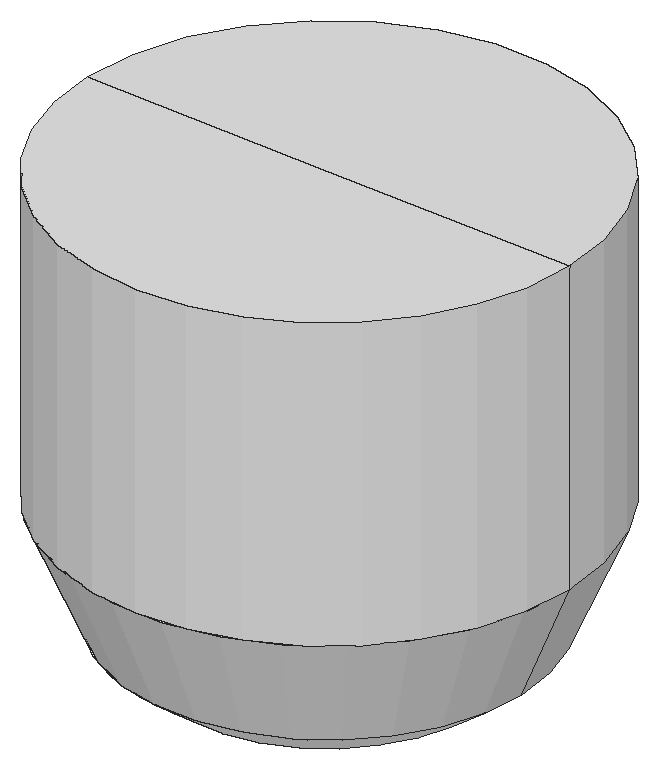
Revit family "CWSS-WR-S4 ENScape optisk-akustisk signalgiver hvit_Tak", category Fire Alarm Devices, Revit 2016
Family settings
  Maintain Annotation Orientation = Yes
  Part Type = Normal
  Round Connector Dimension = Use Diameter
  OmniClass Number = 23.85.30.21.11.17
  OmniClass Title = Other Components
  Work Plane-Based = No
  Always vertical = No
  Cut with Voids When Loaded = No
  Shared = No
  Room Calculation Point = No
Parameters (values of type "Optisk signalgiver")
  Type Comments = "-XH"
  Reference Line Out [instance] = 10.00 mm
  NS8360 = "5423_XN2"
  Manufacturer = "Honeywell"
  Keynote = "XN2"
  CQ Symbol Positive Direction [instance] = yes
  CQ Symbol Offset Side [instance] = 0.00 mm
  CQ Symbol Offset Out [instance] = 0.00 mm
  CQ Material = Plastic - White
  CQ Length B = 98.00 mm
  CQ Length A = 100.00 mm
  Assembly Code = "5423"
Reference planes
  plane 1 "Center (Front/Back)": y = 0
  plane 2: z = 0
  plane 3 "Center (Left/Right)": x = 0
  plane 4: x = -50
  plane 5: x = 50
  plane 6: z = -98
  plane 7: z = -83
  plane 8: x = 40
Forms (mm)
  Revolve 1, solid, material "Plastic White Transparent"
    sketch origin (0, 0, 0) x (1, 0, 0) y (0, 0, 1)
      loop
        line (0, -83) -> (0, -98) -> (1, -98)
        arc (1, -98) -> (21.893, -94.121) -> (40, -83) r 58.2
        line (40, -83) -> (0, -83)
      axis (0, -83) -> (0, -98)
    angle from 0 to 360
  Revolve 2, solid, material "Plastic - White" <- "CQ Material"
    sketch origin (0, 0, 0) x (1, 0, 0) y (0, 0, 1)
      loop
        line (0, 0) -> (0, -83) -> (40, -83) -> (50, -60) -> (50, 0) -> (0, 0)
      axis (0, 0) -> (0, -83)
    angle from 0 to 360
Lines and regions (mm)
  model lines, style "InvisibleLines"
    curve 1: line (0, 0, 0) -> (0, -43, 0)
    curve 2: line (0, 0, 0) -> (0, 0, 10)
Dimensions and locks
  equal spacing: plane 5, plane 3 "Center (Left/Right)", plane 4
  "CQ Length A": plane 5 to plane 4
  "CQ Length B": plane 6 to plane 2
  "Reference Line Out": curve 2 to level
  locked: plane 7 to plane 6 at 15
  locked: plane 5 to plane 8 at 10
  aligned and locked: level to plane 2
  aligned and locked: curve 1 to plane 2
  aligned and locked: plane 3 "Center (Left/Right)" to nested 1
  aligned and locked: plane 1 "Center (Front/Back)" to nested 1
  aligned and locked: plane 2 to curve 2
  aligned and locked: plane 3 "Center (Left/Right)" to curve 2
  aligned and locked: Revolve 1 sketch curve to plane 7
  aligned and locked: Revolve 1 sketch curve to plane 6
  aligned and locked: Revolve 2 sketch curve to level
  aligned and locked: Revolve 2 sketch curve to plane 3 "Center (Left/Right)"
  aligned and locked: Revolve 2 sketch curve to plane 5
  aligned and locked: Revolve 2 sketch curve to plane 7
  aligned and locked: Revolve 1 sketch curve to plane 8
  aligned and locked: Revolve 2 sketch curve to plane 8
Automatic sketch dimensions
  curve 1 to plane 3 "Center (Left/Right)" = 0.00 mm
  plane 1 "Center (Front/Back)" to curve 1 = 0.00 mm
  plane 1 "Center (Front/Back)" to curve 1 = 43.00 mm
  Revolve 1 sketch curve to plane 3 "Center (Left/Right)" = 0.00 mm  (x2)
  Revolve 1 sketch curve to plane 6 = 0.00 mm
  plane 3 "Center (Left/Right)" to Revolve 1 sketch curve = 1.00 mm
  Revolve 1 sketch curve to Revolve 1 sketch curve = 12.20 mm
  Revolve 2 sketch curve to plane 3 "Center (Left/Right)" = 0.00 mm
  Revolve 2 sketch curve to plane 6 = 23.00 mm
  plane 7 to Revolve 2 sketch curve = 23.00 mm
  level to Revolve 2 sketch curve = 25.00 mm
Nested families
  nested 1: "Optisk alarmapparat" at (0, 0, 0), type "Type 1"
Connectors
  electrical at (0, 0, 0)
    settings: on Revolve 1, index 1, voltage 0 V, apparent load 0 VA, apparent load phase1 0 VA, apparent load phase2 0 VA, apparent load phase3 0 VA, power factor 1, load classification "Other", number of poles 1, system type 11, power factor state 1, is connector primary yes, connector utility no, sub classification motor no, connector description ""
Definition of nested family "Optisk alarmapparat"
  Parameters
    CQ Symbol Positive Direction = yes
    CQ Symbol Negative Direction = not(CQ Symbol Positive Direction)  # no
    CQ Symbol Offset Side = 0.00 mm
    CQ Symbol Offset Out = 0.00 mm
  Reference planes
    plane 1: y = 0
    plane 2: x = 0
  Dimensions and locks
    "CQ Symbol Offset Out": plane 1 to nested 2
    "CQ Symbol Offset Out": plane 1 to nested 1
    "CQ Symbol Offset Side": plane 2 to nested 1
    "CQ Symbol Offset Side": nested 2 to plane 2
  Nested families
    nested 1: "Optisk AlarmapparatSub" at (0, 0, 0), visible <- "CQ Symbol Positive Direction", type "Type 1"
    nested 2: "Optisk AlarmapparatSub" at (0, 0, 0), visible <- "CQ Symbol Negative Direction", type "Type 1"
  Definition of nested family "Optisk AlarmapparatSub"
    Reference planes
      plane 1: y = 0
      plane 2: x = 0
    Lines and regions (mm)
      detail lines
        curve 1: circle (0, 0, 0) r 2.5 normal (0, 0, 1)
        curve 2: line (-1.768, 1.768, 0) -> (1.768, -1.768, 0)
        curve 3: line (-1.768, -1.768, 0) -> (1.768, 1.768, 0)
        curve 4: line (-0.001, 3, 0) -> (4.748, 3, 0)
    Text (mm)
      text "PL" at (1.733, 4.587, 0)
